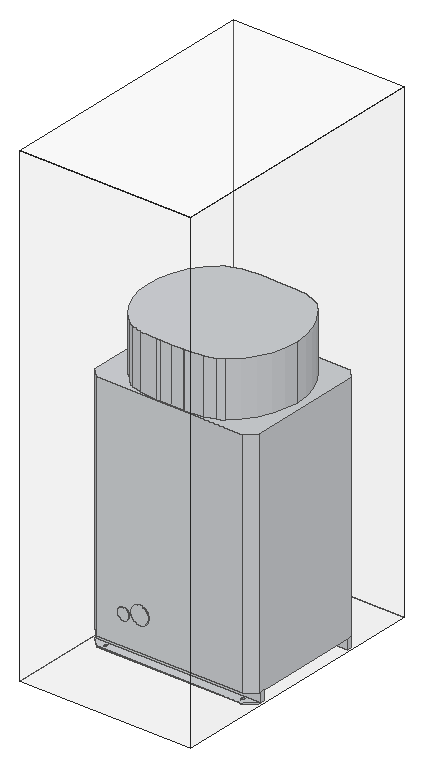
Revit family "室外機（高効率50Hz）_MEE修正", category 機械設備, Revit 2019
Family settings
  丸型コネクタ寸法 = 直径を使用
  パーツ タイプ = 標準
  OmniClass 番号 = 23.75.10.24.21.27.27
  OmniClass タイトル = Split System Air Conditioning Units
  作業面ベース = いいえ
  常に垂直 = はい
  ロード時にボイドで切り取り = いいえ
  共有 = いいえ
  部屋計算ポイント = いいえ
Parameters (values of type "PUHY-P224DMG7_タイプA")
  風量（m3／min） = 165
  風量 = MAX風量  # 9900.0 m³/h
  音響パワーレベル(dB) = 76.5
  電源種別 = ""
  電源位置2Y（ユニット3） = 121 mm
  電源位置2Y（ユニット2） = 121 mm
  電源位置2Y（ユニット1） = 121 mm
  電源位置2X（ユニット3） = 177 mm
  電源位置2X（ユニット2） = 177 mm
  電源位置2X（ユニット1） = 177 mm
  電源位置1Z（ユニット3） = 217 mm
  電源位置1Z（ユニット2） = 217 mm
  電源位置1Z（ユニット1） = 217 mm
  電源位置1X（ユニット3） = 201 mm
  電源位置1X（ユニット2） = 201 mm
  電源位置1X（ユニット1） = 201 mm
  電圧 = 200 V
  電動機出力_送風機 = 0.35 kW
  電動機出力_圧縮機 = 5.24 kW
  集中コントローラ [instance] = ""
  運転質量 = 0.00 kg
  運転方法 = "冷暖切替"
  質量 = if(製品質量 > 運転質量, 製品質量, 運転質量) * 1.2  # 202.80 kg
  負荷分類 = 1_熱源類
  説明 = "ビル用マルチエアコン　Y GR高効率シリーズ　室外機"
  設計暖房能力 [instance] = 0 kW
  設計冷房能力_顕熱 [instance] = 0 kW
  設計冷房能力 [instance] = 0 kW
  設置方法 = "床置形"
  記号 [instance] = ""
  製造元 = "三菱電機株式会社"
  製品質量 = 169.00 kg
  製品出荷対象 = "国内"
  製品リリース年月 = "2020/7/22"
  製品グループ = ""
  系統 [instance] = ""
  符号 = "EHP"
  積算_科目 = "1 空気調和設備"
  積算_拾い区分 [instance] = ""
  相 = 3
  盤記号 [instance] = ""
  発停方法 = "付属スイッチ"
  特殊仕様 [instance] = ""
  消費電力_暖房 = 6.4 kW
  消費電力_冷房 = 6.46 kW
  消費電力 = if(消費電力_冷房 > 消費電力_暖房, 消費電力_冷房, 消費電力_暖房)  # 6.46 kW
  法定耐用年数 = "15"
  極数 = 3
  材質 [instance] = ""
  本体マテリアル = none
  最小電線太さ_mm2 = 8
  最大電流値 = 0 A
  暖房能力 = 25 kW
  推奨ブレーカー容量 = 100 A
  据付ピッチ1 = 0 mm
  形式 = "マルチパッケージ形 室外機"
  幹線記号 [instance] = ""
  始動方式 = ""
  呼称 = "マルチパッケージ形空気調和機"
  周波数 = 50 Hz
  参照している仕様書等のバージョン = "公共建築工事標準仕様書（機械設備工事編）平成31年度版"
  分類コード = "50053003300020"
  分類グループ = ""
  冷房能力 = 22.4 kW
  冷媒管（液）位置2 (ユニット3) = 147 mm
  冷媒管（液）位置2 (ユニット2) = 147 mm
  冷媒管（液）位置1 (ユニット3） = 251 mm
  冷媒管（ガス）位置2 (ユニット3) = 137 mm
  冷媒管（ガス）位置2 (ユニット2) = 137 mm
  冷媒管（ガス）位置1 (ユニット3) = 83 mm
  冷媒管（ガス）位置1 (ユニット1) = 83 mm
  冷媒管（液）位置1 (ユニット1) = 251 mm
  冷媒管（液）位置2 (ユニット1) = 147 mm
  冷媒管（ガス）位置2 (ユニット1) = 137 mm
  冷媒管（ガス）位置1 (ユニット2) = 83 mm
  冷媒管（液）位置1 (ユニット2） = 251 mm
  冷媒管長 [instance] = 0 mm
  冷媒管径符号 = "Be"
  冷媒管径3 = 100.00 mm
  冷媒管径2 = 100.00 mm
  冷媒管径 = 100.00 mm
  冷媒管位置3 (ユニット3) = 242 mm
  冷媒管位置3 (ユニット2) = 242 mm
  冷媒管位置3 (ユニット1) = 242 mm
  冷媒管位置2 (ユニット3) = 142 mm
  冷媒管位置2 (ユニット2) = 142 mm
  冷媒管位置1 (ユニット2) = 292.5 mm
  冷媒管位置2 (ユニット1) = 142 mm
  冷媒管位置1 (ユニット3) = 292.5 mm
  冷媒管位置1 (ユニット1) = 292.5 mm
  冷媒液管径3 = 9.52 mm
  冷媒液管径2 = 9.52 mm
  冷媒液管径 = 9.52 mm
  冷媒ガス管径3 = 19.05 mm
  冷媒ガス管径2 = 19.05 mm
  冷媒ガス管径 = 19.05 mm
  企業コード = "108420"
  付属品 [instance] = ""
  仕様書バージョン = "Version1.0"
  ユニット隙間 = if(サービススペース_タイプA, 30 mm, 100 mm)  # 30 mm
  ユニット数 = 1
  ユニットタイプ3 = 筐体モジュール（高効率） : 224筐体
  ユニットタイプ2 = 筐体モジュール（高効率） : 224筐体
  ユニットタイプ1 = 筐体モジュール（高効率） : 224筐体
  ユニット3_S = no
  ユニット3_L = no
  ユニット3 = no
  ユニット2_S = no
  ユニット2_L = no
  ユニット2 = no
  ユニット1_S = no
  ユニット1_L = no
  モデル = "PUHY-P224DMG7"
  ドレン管径 = 0.00 mm
  サービススペース_タイプA = yes
  サービススペース = yes
  コメント [instance] = ""
  ケーブル種類 = ""
  ケーブルサイズ = 0 mm
  アンカーボルト位置Y（ユニット3） = 681 mm
  アンカーボルト位置Y（ユニット2） = 681 mm
  アンカーボルト位置Y（ユニット1） = 681 mm
  アンカーボルト位置X（ユニット3） = 760 mm
  アンカーボルト位置X（ユニット2） = 760 mm
  アンカーボルト位置X（ユニット1） = 760 mm
  Width3 = 920 mm
  Width2 = 920 mm
  Width1 = 920 mm
  Width = if(ユニット3, Width1 + Width2 + Width3 + 2 * ユニット隙間, if(ユニット2, Width1 + Width2 + 1 * ユニット隙間, Width1))  # 920 mm
  Version = ""
  Uniclass2015Version = "Systems v1.9"
  Uniclass2015Title = "Split coil remote air cooled condensing units"
  Uniclass2015Code = "Pr_70_65_03_84"
  URL = "https://www.mitsubishielectric.co.jp/ldg/wink/ssl/displayProduct.do?pid=307651"
  SpecificationReference = ""
  SpecificationDescription = ""
  Revision = ""
  ProductInformation = ""
  OmniClassCode = "23-75 10 24 21 27 27"
  MAX風量 = 風量（m3／min） * 60.0 m³/h  # 9900.0 m³/h
  IfcTypeProduct = ""
  IfcProduct = ""
  IfcExportType = "AIRCONDITIONINGUNIT"
  IfcExportAs = "IfcUnitaryEquipmentType"
  Height = 1650 mm
  Depth = 740 mm
  Clearance Top [instance] = if(サービススペース_タイプA, 1000 mm, 1000 mm)  # 1000 mm
  Clearance Right [instance] = if(サービススペース_タイプA, 15 mm, 50 mm)  # 15 mm
  Clearance Left [instance] = if(サービススペース_タイプA, 15 mm, 50 mm)  # 15 mm
  Clearance Front [instance] = if(サービススペース_タイプA, 450 mm, 450 mm)  # 450 mm
  Clearance Back [instance] = if(サービススペース_タイプA, 300 mm, 100 mm)  # 300 mm
  COP = 0
  Author = "三菱電機株式会社"
  APF = 5.5
Reference planes
  plane 1 "中心(正面/背面)": y = 0
  plane 2: z = 0
  plane 3 "中心(左/右)": x = 2230
  plane 4 "右": x = 2690
  plane 5 "左": x = 1770
  plane 6 "背面": y = 370
  plane 7 "正面": y = -370
  plane 8: z = 1347
  plane 9 "上部": z = 1650
  plane 10 "Clearanse Top": z = 2650
  plane 11: x = 162.5
  plane 12 "冷媒操作弁ガス芯2": y = -228
  plane 13 "冷媒操作弁液芯2": y = -228
  plane 14 "SS_back": y = 670
  plane 15 "SS_front": y = -820
  plane 16 "SS_left": x = 1755
  plane 17 "SS_right": x = 2705
  plane 18: x = 790
  plane 19: x = 820
  plane 20: x = 1740
  plane 21: x = 1770
  plane 22: x = -130
  plane 23: x = 1112.5
  plane 24: x = 2062.5
  plane 25: x = 330
  plane 26: x = 1280
  plane 27: x = 2230
  plane 28: z = 53
  plane 29: z = 242
  plane 30: y = -228
  plane 31: z = 54
  plane 32: z = 242
  plane 33: z = 242
  plane 34: x = 1947
  plane 35: x = 997
  plane 36: x = 47
  plane 37: x = 71
  plane 38: x = 1021
  plane 39: x = 1971
  plane 40: y = -249
  plane 41: y = -249
  plane 42: y = -249
  plane 43: z = 217
  plane 44: z = 217
  plane 45: z = 217
Forms (mm)
  Extrusion 1, solid, detail levels fine
    sketch origin (0, -370, 0) x (1, 0, 0) y (0, 0, 1)
      loop
        circle (2062.5, 242) r 50
    from 0 to 1
  Extrusion 2, solid, visible <- "ユニット2", detail levels fine
    sketch origin (0, -370, 0) x (1, 0, 0) y (0, 0, 1)
      loop
        circle (1112.5, 242) r 50
    from 0 to 1
  Extrusion 3, solid, visible <- "ユニット3", detail levels fine
    sketch origin (0, -370, 0) x (1, 0, 0) y (0, 0, 1)
      loop
        circle (162.5, 242) r 50
    from 0 to 1
  Extrusion 4, solid, detail levels fine
    sketch origin (-1437.329, -1524, 54) x (-1, 0, 0) y (0, -1, 0)
      loop
        circle (-3499.829, -1296) r 50
    from 0 to -1
  Extrusion 5, solid, visible <- "ユニット2", detail levels fine
    sketch origin (-1437.329, -1524, 54) x (-1, 0, 0) y (0, -1, 0)
      loop
        circle (-2549.829, -1296) r 50
    from 0 to -1
  Extrusion 6, solid, visible <- "ユニット3", detail levels fine
    sketch origin (-1437.329, -1524, 54) x (-1, 0, 0) y (0, -1, 0)
      loop
        circle (-1599.829, -1296) r 50
    from 0 to -1
  Extrusion 7, solid, detail levels fine
    sketch origin (-1437.329, -1524, 54) x (-1, 0, 0) y (0, -1, 0)
      loop
        circle (-3384.329, -1275) r 32.5
    from -1 to 0
  Extrusion 8, solid, visible <- "ユニット2", detail levels fine
    sketch origin (-1437.329, -1524, 54) x (-1, 0, 0) y (0, -1, 0)
      loop
        circle (-2434.329, -1275) r 32.5
    from -1 to 0
  Extrusion 9, solid, visible <- "ユニット3", detail levels fine
    sketch origin (-1437.329, -1524, 54) x (-1, 0, 0) y (0, -1, 0)
      loop
        circle (-1484.329, -1275) r 32.5
    from -1 to 0
  Extrusion 10, solid, detail levels fine
    sketch origin (0, -370, 0) x (1, 0, 0) y (0, 0, 1)
      loop
        circle (1971, 217) r 32.5
    from 0 to 1
  Extrusion 11, solid, visible <- "ユニット2", detail levels fine
    sketch origin (0, -370, 0) x (1, 0, 0) y (0, 0, 1)
      loop
        circle (1021, 217) r 32.5
    from 0 to 1
  Extrusion 12, solid, visible <- "ユニット3", detail levels fine
    sketch origin (0, -370, 0) x (1, 0, 0) y (0, 0, 1)
      loop
        circle (71, 217) r 32.5
    from 0 to 1
Lines and regions (mm)
  model lines, not visible
    curve 1: line (460, 178.667, 1289.179) -> (460, 297.73, 1289.179)
    curve 2: line (460, 178.667, 1056.056) -> (460, 178.667, 1289.179)
    curve 3: line (460, 297.73, 1056.056) -> (460, 178.667, 1056.056)
    curve 4: line (460, 297.73, 1289.179) -> (460, 297.73, 1056.056)
    curve 5: line (460, 47.598, 1289.179) -> (460, 166.661, 1289.179)
    curve 6: line (460, 47.598, 1056.056) -> (460, 47.598, 1289.179)
    curve 7: line (460, 166.661, 1056.056) -> (460, 47.598, 1056.056)
    curve 8: line (460, 166.661, 1289.179) -> (460, 166.661, 1056.056)
    curve 9: line (460, -83.471, 1289.179) -> (460, 35.592, 1289.179)
    curve 10: line (460, -83.471, 1056.056) -> (460, -83.471, 1289.179)
    curve 11: line (460, 35.592, 1056.056) -> (460, -83.471, 1056.056)
    curve 12: line (460, 35.592, 1289.179) -> (460, 35.592, 1056.056)
    curve 13: line (460, -150.779, 1289.179) -> (460, -95.75, 1289.179)
    curve 14: line (460, -150.779, 1056.056) -> (460, -150.779, 1289.179)
    curve 15: line (460, -95.75, 1056.056) -> (460, -150.779, 1056.056)
    curve 16: line (460, -95.75, 1289.179) -> (460, -95.75, 1056.056)
    curve 17: line (460, -150.779, 1283.175) -> (460, -132.596, 1283.175)
    curve 18: line (460, -150.779, 1062.059) -> (460, -150.779, 1283.175)
    curve 19: line (460, -132.596, 1062.059) -> (460, -150.779, 1062.059)
    curve 20: line (460, -132.596, 1283.175) -> (460, -132.596, 1062.059)
    curve 21: line (460, 178.667, 1046.051) -> (460, 297.73, 1046.051)
    curve 22: line (460, 178.667, 812.928) -> (460, 178.667, 1046.051)
    curve 23: line (460, 297.73, 812.928) -> (460, 178.667, 812.928)
    curve 24: line (460, 297.73, 1046.051) -> (460, 297.73, 812.928)
    curve 25: line (460, 47.598, 1046.051) -> (460, 166.661, 1046.051)
    curve 26: line (460, 47.598, 812.928) -> (460, 47.598, 1046.051)
    curve 27: line (460, 166.661, 812.928) -> (460, 47.598, 812.928)
    curve 28: line (460, 166.661, 1046.051) -> (460, 166.661, 812.928)
    curve 29: line (460, -83.471, 1046.051) -> (460, 35.592, 1046.051)
    curve 30: line (460, -83.471, 812.928) -> (460, -83.471, 1046.051)
    curve 31: line (460, 35.592, 812.928) -> (460, -83.471, 812.928)
    curve 32: line (460, 35.592, 1046.051) -> (460, 35.592, 812.928)
    curve 33: line (460, -150.779, 1046.051) -> (460, -95.75, 1046.051)
    curve 34: line (460, -150.779, 812.928) -> (460, -150.779, 1046.051)
    curve 35: line (460, -95.75, 812.928) -> (460, -150.779, 812.928)
    curve 36: line (460, -95.75, 1046.051) -> (460, -95.75, 812.928)
    curve 37: line (460, -150.779, 1040.048) -> (460, -132.596, 1040.048)
    curve 38: line (460, -150.779, 818.931) -> (460, -150.779, 1040.048)
    curve 39: line (460, -132.596, 818.931) -> (460, -150.779, 818.931)
    curve 40: line (460, -132.596, 1040.048) -> (460, -132.596, 818.931)
    curve 41: line (460, 178.667, 802.923) -> (460, 297.73, 802.923)
    curve 42: line (460, 178.667, 569.8) -> (460, 178.667, 802.923)
    curve 43: line (460, 297.73, 569.8) -> (460, 178.667, 569.8)
    curve 44: line (460, 297.73, 802.923) -> (460, 297.73, 569.8)
    curve 45: line (460, 47.598, 802.923) -> (460, 166.661, 802.923)
    curve 46: line (460, 47.598, 569.8) -> (460, 47.598, 802.923)
    curve 47: line (460, 166.661, 569.8) -> (460, 47.598, 569.8)
    curve 48: line (460, 166.661, 802.923) -> (460, 166.661, 569.8)
    curve 49: line (460, -83.471, 802.923) -> (460, 35.592, 802.923)
    curve 50: line (460, -83.471, 569.8) -> (460, -83.471, 802.923)
    curve 51: line (460, 35.592, 569.8) -> (460, -83.471, 569.8)
    curve 52: line (460, 35.592, 802.923) -> (460, 35.592, 569.8)
    curve 53: line (460, -150.779, 802.923) -> (460, -95.75, 802.923)
    curve 54: line (460, -150.779, 569.8) -> (460, -150.779, 802.923)
    curve 55: line (460, -95.75, 569.8) -> (460, -150.779, 569.8)
    curve 56: line (460, -95.75, 802.923) -> (460, -95.75, 569.8)
    curve 57: line (460, -150.779, 796.92) -> (460, -132.596, 796.92)
    curve 58: line (460, -150.779, 575.803) -> (460, -150.779, 796.92)
    curve 59: line (460, -132.596, 575.803) -> (460, -150.779, 575.803)
    curve 60: line (460, -132.596, 796.92) -> (460, -132.596, 575.803)
    curve 61: line (460, 178.667, 559.795) -> (460, 297.73, 559.795)
    curve 62: line (460, 178.667, 326.672) -> (460, 178.667, 559.795)
    curve 63: line (460, 297.73, 326.672) -> (460, 178.667, 326.672)
    curve 64: line (460, 297.73, 559.795) -> (460, 297.73, 326.672)
    curve 65: line (460, 47.598, 559.795) -> (460, 166.661, 559.795)
    curve 66: line (460, 47.598, 326.672) -> (460, 47.598, 559.795)
    curve 67: line (460, 166.661, 326.672) -> (460, 47.598, 326.672)
    curve 68: line (460, 166.661, 559.795) -> (460, 166.661, 326.672)
    curve 69: line (460, -83.471, 559.795) -> (460, 35.592, 559.795)
    curve 70: line (460, -83.471, 326.672) -> (460, -83.471, 559.795)
    curve 71: line (460, 35.592, 326.672) -> (460, -83.471, 326.672)
    curve 72: line (460, 35.592, 559.795) -> (460, 35.592, 326.672)
    curve 73: line (460, -150.779, 559.795) -> (460, -95.75, 559.795)
    curve 74: line (460, -150.779, 326.672) -> (460, -150.779, 559.795)
    curve 75: line (460, -95.75, 326.672) -> (460, -150.779, 326.672)
    curve 76: line (460, -95.75, 559.795) -> (460, -95.75, 326.672)
    curve 77: line (460, -150.779, 553.792) -> (460, -132.596, 553.792)
    curve 78: line (460, -150.779, 332.675) -> (460, -150.779, 553.792)
    curve 79: line (460, -132.596, 332.675) -> (460, -150.779, 332.675)
    curve 80: line (460, -132.596, 553.792) -> (460, -132.596, 332.675)
    curve 81: line (460, 178.667, 316.667) -> (460, 297.73, 316.667)
    curve 82: line (460, 178.667, 83.544) -> (460, 178.667, 316.667)
    curve 83: line (460, 297.73, 83.544) -> (460, 178.667, 83.544)
    curve 84: line (460, 297.73, 316.667) -> (460, 297.73, 83.544)
    curve 85: line (460, 47.598, 316.667) -> (460, 166.661, 316.667)
    curve 86: line (460, 47.598, 83.544) -> (460, 47.598, 316.667)
    curve 87: line (460, 166.661, 83.544) -> (460, 47.598, 83.544)
    curve 88: line (460, 166.661, 316.667) -> (460, 166.661, 83.544)
    curve 89: line (460, -83.471, 316.667) -> (460, 35.592, 316.667)
    curve 90: line (460, -83.471, 83.544) -> (460, -83.471, 316.667)
    curve 91: line (460, 35.592, 83.544) -> (460, -83.471, 83.544)
    curve 92: line (460, 35.592, 316.667) -> (460, 35.592, 83.544)
    curve 93: line (460, -150.779, 316.667) -> (460, -95.75, 316.667)
    curve 94: line (460, -150.779, 83.544) -> (460, -150.779, 316.667)
    curve 95: line (460, -95.75, 83.544) -> (460, -150.779, 83.544)
    curve 96: line (460, -95.75, 316.667) -> (460, -95.75, 83.544)
    curve 97: line (460, -150.779, 310.664) -> (460, -132.596, 310.664)
    curve 98: line (460, -150.779, 89.547) -> (460, -150.779, 310.664)
    curve 99: line (460, -132.596, 89.547) -> (460, -150.779, 89.547)
    curve 100: line (460, -132.596, 310.664) -> (460, -132.596, 89.547)
Dimensions and locks
  plane 8 to level = 1347 mm
  equal spacing: plane 7 "正面", plane 1 "中心(正面/背面)", plane 6 "背面", locked at 370 each
  "Depth": plane 7 "正面" to plane 6 "背面"
  "Width": plane 5 "左" to plane 4 "右"
  equal spacing: plane 5 "左", plane 3 "中心(左/右)", plane 4 "右"
  "冷媒管位置2 (ユニット3)": plane 7 "正面" to plane 13 "冷媒操作弁液芯2"
  "冷媒管位置2 (ユニット2)": plane 7 "正面" to plane 12 "冷媒操作弁ガス芯2"
  "Clearance Left": plane 16 "SS_left" to plane 5 "左"
  "Clearance Right": plane 4 "右" to plane 17 "SS_right"
  "Clearance Back": plane 6 "背面" to plane 14 "SS_back"
  "Clearance Front": plane 15 "SS_front" to plane 7 "正面"
  "Clearance Top": plane 10 "Clearanse Top" to plane 9 "上部"
  "Height": plane 9 "上部" to plane 2
  plane 9 "上部" to plane 8 = 303 mm
  "ユニット隙間": plane 18 to plane 19
  "Width2": plane 19 to plane 20
  "ユニット隙間": plane 20 to plane 21
  "Width3": plane 22 to plane 18
  "Width1": plane 21 to plane 4 "右"
  "冷媒管位置1 (ユニット2)": plane 19 to plane 23
  "冷媒管位置1 (ユニット1)": plane 21 to plane 24
  "冷媒管位置1 (ユニット3)": plane 22 to plane 11
  equal spacing: plane 22, plane 25, plane 18
  equal spacing: plane 19, plane 26, plane 20
  equal spacing: plane 21, plane 27, plane 4 "右"
  "冷媒管位置2 (ユニット1)": plane 7 "正面" to plane 30
  plane 31 to level = 54 mm
  "冷媒管位置3 (ユニット1)": plane 29 to level
  locked: plane 31 to plane 28 at 1
  "冷媒管位置3 (ユニット2)": plane 32 to level
  "冷媒管位置3 (ユニット3)": plane 33 to level
  "電源位置2X（ユニット3）": plane 22 to plane 36
  "電源位置2X（ユニット2）": plane 19 to plane 35
  "電源位置2X（ユニット1）": plane 21 to plane 34
  "電源位置2Y（ユニット1）": plane 7 "正面" to plane 40
  "電源位置2Y（ユニット2）": plane 7 "正面" to plane 41
  "電源位置2Y（ユニット3）": plane 7 "正面" to plane 42
  "電源位置1X（ユニット1）": plane 39 to plane 21
  "電源位置1X（ユニット2）": plane 38 to plane 19
  "電源位置1X（ユニット3）": plane 37 to plane 22
  "電源位置1Z（ユニット1）": plane 45 to level
  "電源位置1Z（ユニット2）": plane 44 to level
  "電源位置1Z（ユニット3）": plane 43 to level
  "冷媒管径": diameter of Extrusion 1 sketch curve
  "冷媒管径2": diameter of Extrusion 2 sketch curve
  "冷媒管径3": diameter of Extrusion 3 sketch curve
  "冷媒管径": diameter of Extrusion 4 sketch curve
  "冷媒管径2": diameter of Extrusion 5 sketch curve
  "冷媒管径3": diameter of Extrusion 6 sketch curve
  radius of Extrusion 7 sketch curve = 32.5 mm
  radius of Extrusion 8 sketch curve = 32.5 mm
  radius of Extrusion 9 sketch curve = 32.5 mm
  radius of Extrusion 10 sketch curve = 32.5 mm
  radius of Extrusion 11 sketch curve = 32.5 mm
  radius of Extrusion 12 sketch curve = 32.5 mm
  aligned and locked: level to plane 2
  aligned and locked: plane 14 "SS_back" to nested 1  (x2)
  aligned and locked: plane 17 "SS_right" to nested 1
  aligned and locked: plane 16 "SS_left" to nested 1  (x2)
  aligned and locked: nested 1 to plane 17 "SS_right"
  aligned and locked: plane 15 "SS_front" to nested 1
  aligned and locked: plane 1 "中心(正面/背面)" to nested 2
  aligned and locked: plane 10 "Clearanse Top" to nested 1
  aligned and locked: nested 1 to plane 2
  aligned and locked: plane 6 "背面" to nested 4
  aligned and locked: plane 7 "正面" to nested 4
  aligned and locked: plane 25 to nested 2
  aligned and locked: plane 26 to nested 3
  aligned and locked: plane 27 to nested 4
  aligned and locked: plane 1 "中心(正面/背面)" to nested 4
  aligned and locked: plane 1 "中心(正面/背面)" to nested 3
  aligned and locked: plane 29 to Extrusion 1 sketch curve
  aligned and locked: plane 24 to Extrusion 1 sketch curve
  aligned and locked: plane 23 to Extrusion 2 sketch curve
  aligned and locked: plane 11 to Extrusion 3 sketch curve
  aligned and locked: plane 30 to Extrusion 4 sketch curve
  aligned and locked: plane 24 to Extrusion 4 sketch curve
  aligned and locked: plane 12 "冷媒操作弁ガス芯2" to Extrusion 5 sketch curve
  aligned and locked: plane 23 to Extrusion 5 sketch curve
  aligned and locked: plane 13 "冷媒操作弁液芯2" to Extrusion 6 sketch curve
  aligned and locked: plane 11 to Extrusion 6 sketch curve
  aligned and locked: plane 32 to Extrusion 2 sketch curve
  aligned and locked: plane 33 to Extrusion 3 sketch curve
  aligned and locked: plane 40 to Extrusion 7 sketch curve
  aligned and locked: plane 34 to Extrusion 7 sketch curve
  aligned and locked: plane 41 to Extrusion 8 sketch curve
  aligned and locked: plane 35 to Extrusion 8 sketch curve
  aligned and locked: plane 36 to Extrusion 9 sketch curve
  aligned and locked: plane 42 to Extrusion 9 sketch curve
  aligned and locked: plane 31 to Extrusion 9
  aligned and locked: Extrusion 9 to plane 28
  aligned and locked: plane 31 to Extrusion 8
  aligned and locked: Extrusion 8 to plane 28
  aligned and locked: plane 31 to Extrusion 7
  aligned and locked: Extrusion 7 to plane 28
  aligned and locked: plane 45 to Extrusion 10 sketch curve
  aligned and locked: plane 39 to Extrusion 10 sketch curve
  aligned and locked: plane 44 to Extrusion 11 sketch curve
  aligned and locked: plane 38 to Extrusion 11 sketch curve
  aligned and locked: plane 43 to Extrusion 12 sketch curve
  aligned and locked: plane 37 to Extrusion 12 sketch curve
  aligned and locked: Extrusion 10 to plane 7 "正面"
  aligned and locked: Extrusion 10 to Extrusion 1
  aligned and locked: Extrusion 11 to plane 7 "正面"
  aligned and locked: Extrusion 11 to Extrusion 2
  aligned and locked: Extrusion 12 to plane 7 "正面"
  aligned and locked: Extrusion 12 to Extrusion 3
Nested families
  nested 1: "サービススペース" at (2230, -75, 1325), visible <- "サービススペース", type "サービススペース"
    with Width 950 mm, Height 2650 mm, Depth 1490 mm
  nested 2: "筐体モジュール（高効率）" at (330, 0, 0), 冷媒ガス管径 <- "冷媒ガス管径3", 冷媒液管径 <- "冷媒液管径3", Width <- "Width3", Depth <- "Depth", Height <- "Height", type <- "ユニットタイプ3", 冷媒ガス_X <- "冷媒管（ガス）位置1 (ユニット3)", 冷媒ガス_Y <- "冷媒管（ガス）位置2 (ユニット3)", 冷媒液_X <- "冷媒管（液）位置1 (ユニット3）", 冷媒液_Y <- "冷媒管（液）位置2 (ユニット3)", 冷媒管径 <- "冷媒管径3", 冷媒管径_X <- "冷媒管位置1 (ユニット3)", 冷媒管径_Y <- "冷媒管位置2 (ユニット3)", 冷媒管径_Z <- "冷媒管位置3 (ユニット3)", ユニット234X <- "ユニット3", ユニット2 <- "ユニット3", type "224筐体"
    with 冷媒管径_Z 242 mm, 冷媒管径_Y 142 mm, 冷媒管径_X 292.5 mm, 冷媒管径 100 mm, 冷媒液管径 9.52 mm, 冷媒液_Z 123 mm, 冷媒液_Y 147 mm, 冷媒液_X 251 mm, 冷媒ガス管径 19.05 mm, 冷媒ガス_Z 172 mm, 冷媒ガス_Y 137 mm, 冷媒ガス_X 83 mm, ユニット234X no, ユニット2 no, Width 920 mm, Height 1650 mm, Depth 740 mm
  nested 3: "筐体モジュール（高効率）" at (1280, 0, 0), 冷媒ガス管径 <- "冷媒ガス管径2", 冷媒液管径 <- "冷媒液管径2", Width <- "Width2", Depth <- "Depth", Height <- "Height", type <- "ユニットタイプ2", 冷媒ガス_X <- "冷媒管（ガス）位置1 (ユニット2)", 冷媒ガス_Y <- "冷媒管（ガス）位置2 (ユニット2)", 冷媒液_X <- "冷媒管（液）位置1 (ユニット2）", 冷媒液_Y <- "冷媒管（液）位置2 (ユニット2)", 冷媒管径 <- "冷媒管径2", 冷媒管径_X <- "冷媒管位置1 (ユニット2)", 冷媒管径_Y <- "冷媒管位置2 (ユニット2)", 冷媒管径_Z <- "冷媒管位置3 (ユニット2)", ユニット2 <- "ユニット2", type "224筐体"
    with 冷媒管径_Z 242 mm, 冷媒管径_Y 142 mm, 冷媒管径_X 292.5 mm, 冷媒管径 100 mm, 冷媒液管径 9.52 mm, 冷媒液_Z 262 mm, 冷媒液_Y 147 mm, 冷媒液_X 251 mm, 冷媒ガス管径 19.05 mm, 冷媒ガス_Z 222 mm, 冷媒ガス_Y 137 mm, 冷媒ガス_X 83 mm, ユニット234X no, ユニット2 no, Width 920 mm, Height 1650 mm, Depth 740 mm
  nested 4: "筐体モジュール（高効率）" at (2230, 0, 0), 冷媒ガス管径 <- "冷媒ガス管径", 冷媒液管径 <- "冷媒液管径", Depth <- "Depth", Height <- "Height", Width <- "Width1", type <- "ユニットタイプ1", 冷媒ガス_X <- "冷媒管（ガス）位置1 (ユニット1)", 冷媒ガス_Y <- "冷媒管（ガス）位置2 (ユニット1)", 冷媒液_X <- "冷媒管（液）位置1 (ユニット1)", 冷媒液_Y <- "冷媒管（液）位置2 (ユニット1)", 冷媒管径 <- "冷媒管径", 冷媒管径_X <- "冷媒管位置1 (ユニット1)", 冷媒管径_Y <- "冷媒管位置2 (ユニット1)", 冷媒管径_Z <- "冷媒管位置3 (ユニット1)", type "224筐体"
    with 冷媒管径_Z 242 mm, 冷媒管径_Y 142 mm, 冷媒管径_X 292.5 mm, 冷媒管径 100 mm, 冷媒液管径 9.52 mm, 冷媒液_Z 262 mm, 冷媒液_Y 147 mm, 冷媒液_X 251 mm, 冷媒ガス管径 19.05 mm, 冷媒ガス_Z 222 mm, 冷媒ガス_Y 137 mm, 冷媒ガス_X 83 mm, ユニット234X yes, ユニット2 yes, Width 920 mm, Height 1650 mm, Depth 740 mm
Connectors
  piping at (162.5, -228, 53), diameter 100, driven by "冷媒管径3", driven by "冷媒管径符号"
    settings: on Extrusion 6, index 6, connector inside diameter 609.60 mm, connector length 0 mm, flow factor 0, pipe flow 0.0 L/s, pressure drop 0.0 Pa, fitting loss kfactor 0, connector angle 0.00°, fixture units 0, engagement length 0 mm, angle of deflection 0.00°, flow configuration 1, flow direction 2, fitting loss method 4, system type 7, joint type 0, gender type 0, connector reference index -1, connector utility 0, adjustable connector no, is connector primary yes, connector description "Be"
  piping at (2062.5, -228, 53), diameter 100, driven by "冷媒管径", driven by "冷媒管径符号"
    settings: on Extrusion 4, index 7, connector inside diameter 609.60 mm, connector length 0 mm, flow factor 0, pipe flow 0.0 L/s, pressure drop 0.0 Pa, fitting loss kfactor 0, connector angle 0.00°, fixture units 0, engagement length 0 mm, angle of deflection 0.00°, flow configuration 1, flow direction 2, fitting loss method 4, system type 7, joint type 0, gender type 0, connector reference index -1, connector utility 0, adjustable connector no, is connector primary no, connector description "Be"
  piping at (1112.5, -228, 53), diameter 100, driven by "冷媒管径2", driven by "冷媒管径符号"
    settings: on Extrusion 5, index 8, connector inside diameter 609.60 mm, connector length 0 mm, flow factor 0, pipe flow 0.0 L/s, pressure drop 0.0 Pa, fitting loss kfactor 0, connector angle 0.00°, fixture units 0, engagement length 0 mm, angle of deflection 0.00°, flow configuration 1, flow direction 2, fitting loss method 4, system type 7, joint type 0, gender type 0, connector reference index -1, connector utility 0, adjustable connector no, is connector primary no, connector description "Be"
  piping at (162.5, -371, 242), diameter 100, driven by "冷媒管径3", driven by "冷媒管径符号"
    settings: on Extrusion 3, index 9, connector inside diameter 609.60 mm, connector length 0 mm, flow factor 0, pipe flow 0.0 L/s, pressure drop 0.0 Pa, fitting loss kfactor 0, connector angle 0.00°, fixture units 0, engagement length 0 mm, angle of deflection 0.00°, flow configuration 1, flow direction 2, fitting loss method 4, system type 7, joint type 0, gender type 0, connector reference index -1, connector utility 0, adjustable connector no, is connector primary no, connector description "Be"
  piping at (1112.5, -371, 242), diameter 100, driven by "冷媒管径2", driven by "冷媒管径符号"
    settings: on Extrusion 2, index 10, connector inside diameter 609.60 mm, connector length 0 mm, flow factor 0, pipe flow 0.0 L/s, pressure drop 0.0 Pa, fitting loss kfactor 0, connector angle 0.00°, fixture units 0, engagement length 0 mm, angle of deflection 0.00°, flow configuration 1, flow direction 2, fitting loss method 4, system type 7, joint type 0, gender type 0, connector reference index -1, connector utility 0, adjustable connector no, is connector primary no, connector description "Be"
  piping at (2062.5, -371, 242), diameter 100, driven by "冷媒管径", driven by "冷媒管径符号"
    settings: on Extrusion 1, index 11, connector inside diameter 609.60 mm, connector length 0 mm, flow factor 0, pipe flow 0.0 L/s, pressure drop 0.0 Pa, fitting loss kfactor 0, connector angle 0.00°, fixture units 0, engagement length 0 mm, angle of deflection 0.00°, flow configuration 1, flow direction 2, fitting loss method 4, system type 7, joint type 0, gender type 0, connector reference index -1, connector utility 0, adjustable connector no, is connector primary no, connector description "Be"
  electrical at (1971, -371, 217), driven by "極数", driven by "負荷分類", driven by "電圧", driven by "消費電力"
    settings: on Extrusion 10, index 12, voltage 200 V, apparent load 6460 VA, apparent load phase1 0 VA, apparent load phase2 0 VA, apparent load phase3 0 VA, power factor 1, load classification "1_熱源類", number of poles 3, system type 30, power factor state 1, is connector primary yes, connector utility no, sub classification motor no, connector description ""
  electrical at (1021, -371, 217), driven by "極数", driven by "負荷分類", driven by "電圧", driven by "消費電力"
    settings: on Extrusion 11, index 13, voltage 200 V, apparent load 6460 VA, apparent load phase1 0 VA, apparent load phase2 0 VA, apparent load phase3 0 VA, power factor 1, load classification "1_熱源類", number of poles 3, system type 30, power factor state 1, is connector primary no, connector utility no, sub classification motor no, connector description ""
  electrical at (71, -371, 217), driven by "極数", driven by "負荷分類", driven by "電圧", driven by "消費電力"
    settings: on Extrusion 12, index 14, voltage 200 V, apparent load 6460 VA, apparent load phase1 0 VA, apparent load phase2 0 VA, apparent load phase3 0 VA, power factor 1, load classification "1_熱源類", number of poles 3, system type 30, power factor state 1, is connector primary no, connector utility no, sub classification motor no, connector description ""
  electrical at (47, -249, 53), driven by "極数", driven by "負荷分類", driven by "電圧", driven by "消費電力"
    settings: on Extrusion 9, index 15, voltage 200 V, apparent load 6460 VA, apparent load phase1 0 VA, apparent load phase2 0 VA, apparent load phase3 0 VA, power factor 1, load classification "1_熱源類", number of poles 3, system type 30, power factor state 1, is connector primary no, connector utility no, sub classification motor no, connector description ""
  electrical at (997, -249, 53), driven by "極数", driven by "負荷分類", driven by "電圧", driven by "消費電力"
    settings: on Extrusion 8, index 16, voltage 200 V, apparent load 6460 VA, apparent load phase1 0 VA, apparent load phase2 0 VA, apparent load phase3 0 VA, power factor 1, load classification "1_熱源類", number of poles 3, system type 30, power factor state 1, is connector primary no, connector utility no, sub classification motor no, connector description ""
  electrical at (1947, -249, 53), driven by "極数", driven by "負荷分類", driven by "電圧", driven by "消費電力"
    settings: on Extrusion 7, index 17, voltage 200 V, apparent load 6460 VA, apparent load phase1 0 VA, apparent load phase2 0 VA, apparent load phase3 0 VA, power factor 1, load classification "1_熱源類", number of poles 3, system type 30, power factor state 1, is connector primary no, connector utility no, sub classification motor no, connector description ""
Definition of nested family "サービススペース"
  Parameters (values of type "サービススペース")
    Width [instance] = 500 mm
    Height [instance] = 500 mm
    Depth [instance] = 500 mm
  Reference planes
    plane 1 "中心(正面/背面)": y = 0
    plane 2: z = 0
    plane 3 "中心(左/右)": x = 0
    plane 4: y = -250
    plane 5: x = 250
    plane 6: y = 250
    plane 7: x = -250
    plane 8: z = 250
    plane 9: z = -250
  Forms (mm)
    Extrusion 1, solid
      sketch origin (-638.939, 0, 72.39) x (1, 0, 0) y (0, 1, 0)
        loop
          line (388.939, 250) -> (388.939, -250) -> (888.939, -250) -> (888.939, 250) -> (388.939, 250)
      from -322.39 to 177.61
  Lines and regions (mm)
    symbolic lines
      curve 1: line (-250, 0, 250) -> (250, 0, 250)
      curve 2: line (-250, 0, -250) -> (-250, 0, 250)
      curve 3: line (250, 0, -250) -> (-250, 0, -250)
      curve 4: line (250, 0, 250) -> (250, 0, -250)
      curve 5: line (0, -250, 250) -> (0, 250, 250)
      curve 6: line (0, -250, -250) -> (0, -250, 250)
      curve 7: line (0, 250, -250) -> (0, -250, -250)
      curve 8: line (0, 250, 250) -> (0, 250, -250)
      curve 9: line (-250, 250, 0) -> (250, 250, 0)
      curve 10: line (-250, -250, 0) -> (-250, 250, 0)
      curve 11: line (250, -250, 0) -> (-250, -250, 0)
      curve 12: line (250, 250, 0) -> (250, -250, 0)
  Dimensions and locks
    equal spacing: plane 7, plane 3 "中心(左/右)", plane 5
    equal spacing: plane 4, plane 1 "中心(正面/背面)", plane 6
    "Depth": plane 4 to plane 6
    "Width": plane 7 to plane 5
    equal spacing: plane 8, plane 2, plane 9
    "Height": plane 8 to plane 9
    aligned and locked: plane 9 to curve 3
    aligned and locked: plane 7 to curve 2
    aligned and locked: curve 4 to plane 5
    aligned and locked: plane 5 to Extrusion 1
    aligned and locked: Extrusion 1 to plane 7
    aligned and locked: Extrusion 1 to plane 9
    aligned and locked: plane 8 to Extrusion 1
    aligned and locked: plane 9 to curve 7
  Automatic sketch dimensions
    plane 4 to Extrusion 1 sketch curve = 0 mm
    Extrusion 1 sketch curve to plane 7 = 0 mm
    Extrusion 1 sketch curve to plane 5 = 0 mm
    plane 6 to Extrusion 1 sketch curve = 0 mm
    curve 2 to plane 8 = 0 mm
    plane 4 to curve 11 = 0 mm
    curve 11 to plane 7 = 0 mm
    curve 11 to plane 5 = 0 mm
    plane 6 to curve 10 = 0 mm
    curve 7 to plane 4 = 0 mm
    curve 7 to plane 6 = 0 mm
    curve 6 to plane 8 = 0 mm
Definition of nested family "筐体モジュール（高効率）"
  Parameters (values of type "224筐体")
    冷媒管径_Z [instance] = 242 mm
    冷媒管径_Y [instance] = 142 mm
    冷媒管径_X [instance] = 292.5 mm
    冷媒管径 [instance] = 100 mm
    冷媒液管径 [instance] = 9.52 mm
    冷媒液_Z [instance] = 262 mm
    冷媒液_Y [instance] = 147 mm
    冷媒液_X [instance] = 251 mm
    冷媒ガス管径 [instance] = 19.05 mm
    冷媒ガス_Z [instance] = 222 mm
    冷媒ガス_Y [instance] = 137 mm
    冷媒ガス_X [instance] = 83 mm
    ユニット234X [instance] = and(ユニット2, or(Width = 920 mm, Width = 1220 mm))  # yes
    ユニット2 [instance] = yes
    Width [instance] = 920 mm
    W = 920 mm
    Height [instance] = 1650 mm
    Depth [instance] = 740 mm
  Types (5, lengths in mm): name | 冷媒管径_Z | 冷媒管径_Y | 冷媒管径_X | 冷媒液管径 | 冷媒液_Z | 冷媒液_Y | 冷媒液_X | 冷媒ガス管径 | 冷媒ガス_Z | 冷媒ガス_Y | Width | W
    335筐体 | 197.5 | 144 | 292.5 | 9.52 | 223 | 143 | 251 | 25.4 | 172 | 145 | 920 | 920
    224筐体 | 242 | 142 | 292.5 | 9.52 | 262 | 147 | 251 | 19.05 | 222 | 137 | 920 | 920
    280筐体 | 197 | 146 | 292.5 | 9.52 | 222 | 147 | 251 | 22.2 | 172 | 145 | 920 | 920
    400筐体 | 197.5 | 144 | 342.5 | 12.7 | 223 | 143 | 301 | 25.4 | 172 | 145 | 1220 | 1220
    450筐体 | 205 | 144.5 | 342.5 | 12.7 | 238 | 144 | 301 | 28.58 | 172 | 145 | 1220 | 1220
  Reference planes
    plane 1 "中心(正面/背面)": y = 0
    plane 2: z = 0
    plane 3 "中心(左/右)": x = 0
    plane 4: y = -370
    plane 5: x = 460
    plane 6: y = 370
    plane 7: x = -460
    plane 8: z = 1347
    plane 9: z = 1650
    plane 10: y = -313
    plane 11: y = -293
    plane 12 "本体下部": z = 54
    plane 13: y = 370
    plane 14: y = 313
    plane 15: y = 293
    plane 16: y = 340.5
    plane 17: x = -380
    plane 18: x = 380
    plane 19: y = -340.5
    plane 20 "電源高さ": z = 262
    plane 21: x = -167.5
    plane 22 "冷媒操作弁液芯1": x = -209
    plane 23 "冷媒操作弁ガス芯1": x = -126
    plane 24 "冷媒管高さ": z = 242
    plane 25 "冷媒操作弁ガス芯4": z = 53
    plane 26: x = -460
    plane 27: x = 460
    plane 28: y = -233
    plane 29: y = -223
    plane 30: z = 222
    plane 31: y = -228
  Forms (mm)
    Extrusion 1, solid, visible <- "ユニット234X", detail levels fine
      sketch origin (0, 0, 0) x (1, 0, 0) y (0, 1, 0)
        loop
          line (-408.343, 370) -> (-460, 318.843) -> (-460, -318.843) -> (-408.343, -370) -> (408.343, -370) -> (460, -318.843) -> (460, 318.843) -> (408.343, 370) -> (-408.343, 370)
      from 54 to 1347
    Extrusion 2, solid, visible <- "ユニット234X", detail levels fine
      sketch origin (0, 0, 0) x (1, 0, 0) y (0, 1, 0)
        loop
          line (-460, -293) -> (-460, -313) -> (460, -313) -> (460, -293) -> (-460, -293)
      from 0 to 54
    Extrusion 3, solid, visible <- "ユニット234X", detail levels fine
      sketch origin (0, 0, 0) x (1, 0, 0) y (0, 1, 0)
        loop
          line (-460, 293) -> (460, 293) -> (460, 313) -> (-460, 313) -> (-460, 293)
      from 0 to 54
    Extrusion 4, solid, visible <- "ユニット234X", detail levels fine
      sketch origin (0, 0, 0) x (1, 0, 0) y (0, 1, 0)
        loop
          line (-460, 313) -> (460, 313) -> (460, 318.843) -> (408.343, 370) -> (-408.343, 370) -> (-460, 318.843) -> (-460, 313)
        loop
          arc (-373, 343.5) -> (-380, 350.5) -> (-387, 343.5) r 7
          line (-387, 343.5) -> (-387, 337.5)
          arc (-387, 337.5) -> (-380, 330.5) -> (-373, 337.5) r 7
          line (-373, 337.5) -> (-373, 343.5)
        loop
          arc (387, 343.5) -> (380, 350.5) -> (373, 343.5) r 7
          line (373, 343.5) -> (373, 337.5)
          arc (373, 337.5) -> (380, 330.5) -> (387, 337.5) r 7
          line (387, 337.5) -> (387, 343.5)
      from 0 to 2
    Extrusion 5, solid, visible <- "ユニット234X", detail levels fine
      sketch origin (0, 0, 0) x (1, 0, 0) y (0, 1, 0)
        loop
          line (-460, -313) -> (-460, -318.843) -> (-408.343, -370) -> (408.343, -370) -> (460, -318.843) -> (460, -313) -> (-460, -313)
        loop
          line (-373, -343.5) -> (-373, -337.5)
          arc (-373, -337.5) -> (-380, -330.5) -> (-387, -337.5) r 7
          line (-387, -337.5) -> (-387, -343.5)
          arc (-387, -343.5) -> (-380, -350.5) -> (-373, -343.5) r 7
        loop
          line (387, -343.5) -> (387, -337.5)
          arc (387, -337.5) -> (380, -330.5) -> (373, -337.5) r 7
          line (373, -337.5) -> (373, -343.5)
          arc (373, -343.5) -> (380, -350.5) -> (387, -343.5) r 7
      from 0 to 2
    Extrusion 6, solid, visible <- "ユニット234X", detail levels fine
      sketch origin (-299.5, 0, -2.5) x (1, 0, 0) y (0, 0, 1)
        loop
          circle (132, 244.5) r 50
      from 370 to 371
    Extrusion 7, solid, visible <- "ユニット234X", detail levels fine
      sketch origin (0, 0, 0) x (1, 0, 0) y (0, 1, 0)
        loop
          arc (-268.081, 316.106) -> (-376.101, 174.18) -> (-414.476, 0) r 414.476
          arc (-414.476, 0) -> (-376.101, -174.18) -> (-268.081, -316.106) r 414.476
          arc (-268.081, -316.106) -> (-250.84, -327.278) -> (-232.369, -336.274) r 168.924
          arc (-232.369, -336.274) -> (-204.68, -346.28) -> (-176.163, -353.601) r 308.609
          arc (-176.163, -353.601) -> (-128.058, -361) -> (-79.445, -363.367) r 468.429
          arc (-79.445, -363.367) -> (-71.906, -363.425) -> (-64.372, -363.142) r 167.153
          line (-64.372, -363.142) -> (0, -363.142) -> (64.372, -363.142)
          arc (64.372, -363.142) -> (71.906, -363.425) -> (79.445, -363.367) r 167.153
          arc (79.445, -363.367) -> (128.058, -361) -> (176.163, -353.601) r 468.429
          arc (176.163, -353.601) -> (204.68, -346.28) -> (232.369, -336.274) r 308.609
          arc (232.369, -336.274) -> (250.84, -327.278) -> (268.081, -316.106) r 168.924
          arc (268.081, -316.106) -> (376.101, -174.18) -> (414.476, 0) r 414.476
          arc (414.476, 0) -> (376.101, 174.18) -> (268.082, 316.106) r 414.476
          arc (268.082, 316.106) -> (250.84, 327.278) -> (232.369, 336.274) r 168.924
          arc (232.369, 336.274) -> (204.68, 346.28) -> (176.163, 353.601) r 308.609
          arc (176.163, 353.601) -> (128.058, 361) -> (79.445, 363.367) r 468.429
          line (79.445, 363.367) -> (0, 363.367) -> (-79.445, 363.367)
          arc (-79.445, 363.367) -> (-128.058, 361) -> (-176.163, 353.601) r 468.429
          arc (-176.163, 353.601) -> (-204.68, 346.28) -> (-232.369, 336.274) r 308.609
          arc (-232.369, 336.274) -> (-250.974, 327.516) -> (-268.081, 316.106) r 138.853
      from 1347 to 1650
    Extrusion 8, solid, visible <- "ユニット234X", detail levels fine
      sketch origin (0, 0, 0) x (1, 0, 0) y (0, 1, 0)
        loop
          circle (-167.5, -228) r 50
      from 53 to 54
    Extrusion 9, solid, visible <- "ユニット234X", detail levels fine
      sketch origin (0, 0, 0) x (1, 0, 0) y (0, 1, 0)
        loop
          circle (-209, -223) r 4.76
      from 53 to 54
    Extrusion 10, solid, visible <- "ユニット234X", detail levels fine
      sketch origin (0, 0, 0) x (1, 0, 0) y (0, 1, 0)
        loop
          circle (-126, -233) r 9.525
      from 53 to 54
  Lines and regions (mm)
    Masking region 1, visible <- "ユニット234X", detail levels coarse+medium
      outline origin (0, 0, 0) x (1, 0, 0) y (0, 1, 0)
        loop
          line (-408.343, 370) -> (-460, 318.843) -> (-460, -318.843) -> (-408.343, -370) -> (408.343, -370) -> (460, -318.843) -> (460, 318.843) -> (408.343, 370) -> (-408.343, 370)
    model lines, visible <- "ユニット234X", detail levels fine
      curve 1: line (460, 178.667, 1289.179) -> (460, 297.73, 1289.179)
      curve 2: line (460, 178.667, 1056.056) -> (460, 178.667, 1289.179)
      curve 3: line (460, 297.73, 1056.056) -> (460, 178.667, 1056.056)
      curve 4: line (460, 297.73, 1289.179) -> (460, 297.73, 1056.056)
      curve 5: line (460, 47.598, 1289.179) -> (460, 166.661, 1289.179)
      curve 6: line (460, 47.598, 1056.056) -> (460, 47.598, 1289.179)
      curve 7: line (460, 166.661, 1056.056) -> (460, 47.598, 1056.056)
      curve 8: line (460, 166.661, 1289.179) -> (460, 166.661, 1056.056)
      curve 9: line (460, -83.471, 1289.179) -> (460, 35.592, 1289.179)
      curve 10: line (460, -83.471, 1056.056) -> (460, -83.471, 1289.179)
      curve 11: line (460, 35.592, 1056.056) -> (460, -83.471, 1056.056)
      curve 12: line (460, 35.592, 1289.179) -> (460, 35.592, 1056.056)
      curve 13: line (460, -150.779, 1289.179) -> (460, -95.75, 1289.179)
      curve 14: line (460, -150.779, 1056.056) -> (460, -150.779, 1289.179)
      curve 15: line (460, -95.75, 1056.056) -> (460, -150.779, 1056.056)
      curve 16: line (460, -95.75, 1289.179) -> (460, -95.75, 1056.056)
      curve 17: line (460, -150.779, 1283.175) -> (460, -132.596, 1283.175)
      curve 18: line (460, -150.779, 1062.059) -> (460, -150.779, 1283.175)
      curve 19: line (460, -132.596, 1062.059) -> (460, -150.779, 1062.059)
      curve 20: line (460, -132.596, 1283.175) -> (460, -132.596, 1062.059)
      curve 21: line (460, 178.667, 1046.051) -> (460, 297.73, 1046.051)
      curve 22: line (460, 178.667, 812.928) -> (460, 178.667, 1046.051)
      curve 23: line (460, 297.73, 812.928) -> (460, 178.667, 812.928)
      curve 24: line (460, 297.73, 1046.051) -> (460, 297.73, 812.928)
      curve 25: line (460, 47.598, 1046.051) -> (460, 166.661, 1046.051)
      curve 26: line (460, 47.598, 812.928) -> (460, 47.598, 1046.051)
      curve 27: line (460, 166.661, 812.928) -> (460, 47.598, 812.928)
      curve 28: line (460, 166.661, 1046.051) -> (460, 166.661, 812.928)
      curve 29: line (460, -83.471, 1046.051) -> (460, 35.592, 1046.051)
      curve 30: line (460, -83.471, 812.928) -> (460, -83.471, 1046.051)
      curve 31: line (460, 35.592, 812.928) -> (460, -83.471, 812.928)
      curve 32: line (460, 35.592, 1046.051) -> (460, 35.592, 812.928)
      curve 33: line (460, -150.779, 1046.051) -> (460, -95.75, 1046.051)
      curve 34: line (460, -150.779, 812.928) -> (460, -150.779, 1046.051)
      curve 35: line (460, -95.75, 812.928) -> (460, -150.779, 812.928)
      curve 36: line (460, -95.75, 1046.051) -> (460, -95.75, 812.928)
      curve 37: line (460, -150.779, 1040.048) -> (460, -132.596, 1040.048)
      curve 38: line (460, -150.779, 818.931) -> (460, -150.779, 1040.048)
      curve 39: line (460, -132.596, 818.931) -> (460, -150.779, 818.931)
      curve 40: line (460, -132.596, 1040.048) -> (460, -132.596, 818.931)
      curve 41: line (460, 178.667, 802.923) -> (460, 297.73, 802.923)
      curve 42: line (460, 178.667, 569.8) -> (460, 178.667, 802.923)
      curve 43: line (460, 297.73, 569.8) -> (460, 178.667, 569.8)
      curve 44: line (460, 297.73, 802.923) -> (460, 297.73, 569.8)
      curve 45: line (460, 47.598, 802.923) -> (460, 166.661, 802.923)
      curve 46: line (460, 47.598, 569.8) -> (460, 47.598, 802.923)
      curve 47: line (460, 166.661, 569.8) -> (460, 47.598, 569.8)
      curve 48: line (460, 166.661, 802.923) -> (460, 166.661, 569.8)
      curve 49: line (460, -83.471, 802.923) -> (460, 35.592, 802.923)
      curve 50: line (460, -83.471, 569.8) -> (460, -83.471, 802.923)
      curve 51: line (460, 35.592, 569.8) -> (460, -83.471, 569.8)
      curve 52: line (460, 35.592, 802.923) -> (460, 35.592, 569.8)
      curve 53: line (460, -150.779, 802.923) -> (460, -95.75, 802.923)
      curve 54: line (460, -150.779, 569.8) -> (460, -150.779, 802.923)
      curve 55: line (460, -95.75, 569.8) -> (460, -150.779, 569.8)
      curve 56: line (460, -95.75, 802.923) -> (460, -95.75, 569.8)
      curve 57: line (460, -150.779, 796.92) -> (460, -132.596, 796.92)
      curve 58: line (460, -150.779, 575.803) -> (460, -150.779, 796.92)
      curve 59: line (460, -132.596, 575.803) -> (460, -150.779, 575.803)
      curve 60: line (460, -132.596, 796.92) -> (460, -132.596, 575.803)
      curve 61: line (460, 178.667, 559.795) -> (460, 297.73, 559.795)
      curve 62: line (460, 178.667, 326.672) -> (460, 178.667, 559.795)
      curve 63: line (460, 297.73, 326.672) -> (460, 178.667, 326.672)
      curve 64: line (460, 297.73, 559.795) -> (460, 297.73, 326.672)
      curve 65: line (460, 47.598, 559.795) -> (460, 166.661, 559.795)
      curve 66: line (460, 47.598, 326.672) -> (460, 47.598, 559.795)
      curve 67: line (460, 166.661, 326.672) -> (460, 47.598, 326.672)
      curve 68: line (460, 166.661, 559.795) -> (460, 166.661, 326.672)
      curve 69: line (460, -83.471, 559.795) -> (460, 35.592, 559.795)
      curve 70: line (460, -83.471, 326.672) -> (460, -83.471, 559.795)
      curve 71: line (460, 35.592, 326.672) -> (460, -83.471, 326.672)
      curve 72: line (460, 35.592, 559.795) -> (460, 35.592, 326.672)
      curve 73: line (460, -150.779, 559.795) -> (460, -95.75, 559.795)
      curve 74: line (460, -150.779, 326.672) -> (460, -150.779, 559.795)
      curve 75: line (460, -95.75, 326.672) -> (460, -150.779, 326.672)
      curve 76: line (460, -95.75, 559.795) -> (460, -95.75, 326.672)
      curve 77: line (460, -150.779, 553.792) -> (460, -132.596, 553.792)
      curve 78: line (460, -150.779, 332.675) -> (460, -150.779, 553.792)
      curve 79: line (460, -132.596, 332.675) -> (460, -150.779, 332.675)
      curve 80: line (460, -132.596, 553.792) -> (460, -132.596, 332.675)
      curve 81: line (460, 178.667, 316.667) -> (460, 297.73, 316.667)
      curve 82: line (460, 178.667, 83.544) -> (460, 178.667, 316.667)
      curve 83: line (460, 297.73, 83.544) -> (460, 178.667, 83.544)
      curve 84: line (460, 297.73, 316.667) -> (460, 297.73, 83.544)
      curve 85: line (460, 47.598, 316.667) -> (460, 166.661, 316.667)
      curve 86: line (460, 47.598, 83.544) -> (460, 47.598, 316.667)
      curve 87: line (460, 166.661, 83.544) -> (460, 47.598, 83.544)
      curve 88: line (460, 166.661, 316.667) -> (460, 166.661, 83.544)
      curve 89: line (460, -83.471, 316.667) -> (460, 35.592, 316.667)
      curve 90: line (460, -83.471, 83.544) -> (460, -83.471, 316.667)
      curve 91: line (460, 35.592, 83.544) -> (460, -83.471, 83.544)
      curve 92: line (460, 35.592, 316.667) -> (460, 35.592, 83.544)
      curve 93: line (460, -150.779, 316.667) -> (460, -95.75, 316.667)
      curve 94: line (460, -150.779, 83.544) -> (460, -150.779, 316.667)
      curve 95: line (460, -95.75, 83.544) -> (460, -150.779, 83.544)
      curve 96: line (460, -95.75, 316.667) -> (460, -95.75, 83.544)
      curve 97: line (460, -150.779, 310.664) -> (460, -132.596, 310.664)
      curve 98: line (460, -150.779, 89.547) -> (460, -150.779, 310.664)
      curve 99: line (460, -132.596, 89.547) -> (460, -150.779, 89.547)
      curve 100: line (460, -132.596, 310.664) -> (460, -132.596, 89.547)
      curve 101: line (-460, 178.667, 1289.179) -> (-460, 297.73, 1289.179)
      curve 102: line (-460, 178.667, 1056.056) -> (-460, 178.667, 1289.179)
      curve 103: line (-460, 297.73, 1056.056) -> (-460, 178.667, 1056.056)
      curve 104: line (-460, 297.73, 1289.179) -> (-460, 297.73, 1056.056)
      curve 105: line (-460, 47.598, 1289.179) -> (-460, 166.661, 1289.179)
      curve 106: line (-460, 47.598, 1056.056) -> (-460, 47.598, 1289.179)
      curve 107: line (-460, 166.661, 1056.056) -> (-460, 47.598, 1056.056)
      curve 108: line (-460, 166.661, 1289.179) -> (-460, 166.661, 1056.056)
      curve 109: line (-460, -83.471, 1289.179) -> (-460, 35.592, 1289.179)
      curve 110: line (-460, -83.471, 1056.056) -> (-460, -83.471, 1289.179)
      curve 111: line (-460, 35.592, 1056.056) -> (-460, -83.471, 1056.056)
      curve 112: line (-460, 35.592, 1289.179) -> (-460, 35.592, 1056.056)
      curve 113: line (-460, -150.779, 1289.179) -> (-460, -95.75, 1289.179)
      curve 114: line (-460, -150.779, 1056.056) -> (-460, -150.779, 1289.179)
      curve 115: line (-460, -95.75, 1056.056) -> (-460, -150.779, 1056.056)
      curve 116: line (-460, -95.75, 1289.179) -> (-460, -95.75, 1056.056)
      curve 117: line (-460, -150.779, 1283.175) -> (-460, -132.596, 1283.175)
      curve 118: line (-460, -150.779, 1062.059) -> (-460, -150.779, 1283.175)
      curve 119: line (-460, -132.596, 1062.059) -> (-460, -150.779, 1062.059)
      curve 120: line (-460, -132.596, 1283.175) -> (-460, -132.596, 1062.059)
      curve 121: line (-460, 178.667, 1046.051) -> (-460, 297.73, 1046.051)
      curve 122: line (-460, 178.667, 812.928) -> (-460, 178.667, 1046.051)
      curve 123: line (-460, 297.73, 812.928) -> (-460, 178.667, 812.928)
      curve 124: line (-460, 297.73, 1046.051) -> (-460, 297.73, 812.928)
      curve 125: line (-460, 47.598, 1046.051) -> (-460, 166.661, 1046.051)
      curve 126: line (-460, 47.598, 812.928) -> (-460, 47.598, 1046.051)
      curve 127: line (-460, 166.661, 812.928) -> (-460, 47.598, 812.928)
      curve 128: line (-460, 166.661, 1046.051) -> (-460, 166.661, 812.928)
      curve 129: line (-460, -83.471, 1046.051) -> (-460, 35.592, 1046.051)
      curve 130: line (-460, -83.471, 812.928) -> (-460, -83.471, 1046.051)
      curve 131: line (-460, 35.592, 812.928) -> (-460, -83.471, 812.928)
      curve 132: line (-460, 35.592, 1046.051) -> (-460, 35.592, 812.928)
      curve 133: line (-460, -150.779, 1046.051) -> (-460, -95.75, 1046.051)
      curve 134: line (-460, -150.779, 812.928) -> (-460, -150.779, 1046.051)
      curve 135: line (-460, -95.75, 812.928) -> (-460, -150.779, 812.928)
      curve 136: line (-460, -95.75, 1046.051) -> (-460, -95.75, 812.928)
      curve 137: line (-460, -150.779, 1040.048) -> (-460, -132.596, 1040.048)
      curve 138: line (-460, -150.779, 818.931) -> (-460, -150.779, 1040.048)
      curve 139: line (-460, -132.596, 818.931) -> (-460, -150.779, 818.931)
      curve 140: line (-460, -132.596, 1040.048) -> (-460, -132.596, 818.931)
      curve 141: line (-460, 178.667, 802.923) -> (-460, 297.73, 802.923)
      curve 142: line (-460, 178.667, 569.8) -> (-460, 178.667, 802.923)
      curve 143: line (-460, 297.73, 569.8) -> (-460, 178.667, 569.8)
      curve 144: line (-460, 297.73, 802.923) -> (-460, 297.73, 569.8)
      curve 145: line (-460, 47.598, 802.923) -> (-460, 166.661, 802.923)
      curve 146: line (-460, 47.598, 569.8) -> (-460, 47.598, 802.923)
      curve 147: line (-460, 166.661, 569.8) -> (-460, 47.598, 569.8)
      curve 148: line (-460, 166.661, 802.923) -> (-460, 166.661, 569.8)
      curve 149: line (-460, -83.471, 802.923) -> (-460, 35.592, 802.923)
      curve 150: line (-460, -83.471, 569.8) -> (-460, -83.471, 802.923)
      curve 151: line (-460, 35.592, 569.8) -> (-460, -83.471, 569.8)
      curve 152: line (-460, 35.592, 802.923) -> (-460, 35.592, 569.8)
      curve 153: line (-460, -150.779, 802.923) -> (-460, -95.75, 802.923)
      curve 154: line (-460, -150.779, 569.8) -> (-460, -150.779, 802.923)
      curve 155: line (-460, -95.75, 569.8) -> (-460, -150.779, 569.8)
      curve 156: line (-460, -95.75, 802.923) -> (-460, -95.75, 569.8)
      curve 157: line (-460, -150.779, 796.92) -> (-460, -132.596, 796.92)
      curve 158: line (-460, -150.779, 575.803) -> (-460, -150.779, 796.92)
      curve 159: line (-460, -132.596, 575.803) -> (-460, -150.779, 575.803)
      curve 160: line (-460, -132.596, 796.92) -> (-460, -132.596, 575.803)
      curve 161: line (-460, 178.667, 559.795) -> (-460, 297.73, 559.795)
      curve 162: line (-460, 178.667, 326.672) -> (-460, 178.667, 559.795)
      curve 163: line (-460, 297.73, 326.672) -> (-460, 178.667, 326.672)
      curve 164: line (-460, 297.73, 559.795) -> (-460, 297.73, 326.672)
      curve 165: line (-460, 47.598, 559.795) -> (-460, 166.661, 559.795)
      curve 166: line (-460, 47.598, 326.672) -> (-460, 47.598, 559.795)
      curve 167: line (-460, 166.661, 326.672) -> (-460, 47.598, 326.672)
      curve 168: line (-460, 166.661, 559.795) -> (-460, 166.661, 326.672)
      curve 169: line (-460, -83.471, 559.795) -> (-460, 35.592, 559.795)
      curve 170: line (-460, -83.471, 326.672) -> (-460, -83.471, 559.795)
      curve 171: line (-460, 35.592, 326.672) -> (-460, -83.471, 326.672)
      curve 172: line (-460, 35.592, 559.795) -> (-460, 35.592, 326.672)
      curve 173: line (-460, -150.779, 559.795) -> (-460, -95.75, 559.795)
      curve 174: line (-460, -150.779, 326.672) -> (-460, -150.779, 559.795)
      curve 175: line (-460, -95.75, 326.672) -> (-460, -150.779, 326.672)
      curve 176: line (-460, -95.75, 559.795) -> (-460, -95.75, 326.672)
      curve 177: line (-460, -150.779, 553.792) -> (-460, -132.596, 553.792)
      curve 178: line (-460, -150.779, 332.675) -> (-460, -150.779, 553.792)
      curve 179: line (-460, -132.596, 332.675) -> (-460, -150.779, 332.675)
      curve 180: line (-460, -132.596, 553.792) -> (-460, -132.596, 332.675)
      curve 181: line (-460, 178.667, 316.667) -> (-460, 297.73, 316.667)
      curve 182: line (-460, 178.667, 83.544) -> (-460, 178.667, 316.667)
      curve 183: line (-460, 297.73, 83.544) -> (-460, 178.667, 83.544)
      curve 184: line (-460, 297.73, 316.667) -> (-460, 297.73, 83.544)
      curve 185: line (-460, 47.598, 316.667) -> (-460, 166.661, 316.667)
      curve 186: line (-460, 47.598, 83.544) -> (-460, 47.598, 316.667)
      curve 187: line (-460, 166.661, 83.544) -> (-460, 47.598, 83.544)
      curve 188: line (-460, 166.661, 316.667) -> (-460, 166.661, 83.544)
      curve 189: line (-460, -83.471, 316.667) -> (-460, 35.592, 316.667)
      curve 190: line (-460, -83.471, 83.544) -> (-460, -83.471, 316.667)
      curve 191: line (-460, 35.592, 83.544) -> (-460, -83.471, 83.544)
      curve 192: line (-460, 35.592, 316.667) -> (-460, 35.592, 83.544)
      curve 193: line (-460, -150.779, 316.667) -> (-460, -95.75, 316.667)
      curve 194: line (-460, -150.779, 83.544) -> (-460, -150.779, 316.667)
      curve 195: line (-460, -95.75, 83.544) -> (-460, -150.779, 83.544)
      curve 196: line (-460, -95.75, 316.667) -> (-460, -95.75, 83.544)
      curve 197: line (-460, -150.779, 310.664) -> (-460, -132.596, 310.664)
      curve 198: line (-460, -150.779, 89.547) -> (-460, -150.779, 310.664)
      curve 199: line (-460, -132.596, 89.547) -> (-460, -150.779, 89.547)
      curve 200: line (-460, -132.596, 310.664) -> (-460, -132.596, 89.547)
    model lines, visible <- "ユニット234X", not visible, detail levels fine
      curve 201: line (460, 178.667, 1289.179) -> (460, 297.73, 1289.179)
      curve 202: line (460, 178.667, 1056.056) -> (460, 178.667, 1289.179)
      curve 203: line (460, 297.73, 1056.056) -> (460, 178.667, 1056.056)
      curve 204: line (460, 297.73, 1289.179) -> (460, 297.73, 1056.056)
      curve 205: line (460, 47.598, 1289.179) -> (460, 166.661, 1289.179)
      curve 206: line (460, 47.598, 1056.056) -> (460, 47.598, 1289.179)
      curve 207: line (460, 166.661, 1056.056) -> (460, 47.598, 1056.056)
      curve 208: line (460, 166.661, 1289.179) -> (460, 166.661, 1056.056)
      curve 209: line (460, -83.471, 1289.179) -> (460, 35.592, 1289.179)
      curve 210: line (460, -83.471, 1056.056) -> (460, -83.471, 1289.179)
      curve 211: line (460, 35.592, 1056.056) -> (460, -83.471, 1056.056)
      curve 212: line (460, 35.592, 1289.179) -> (460, 35.592, 1056.056)
      curve 213: line (460, -150.779, 1289.179) -> (460, -95.75, 1289.179)
      curve 214: line (460, -150.779, 1056.056) -> (460, -150.779, 1289.179)
      curve 215: line (460, -95.75, 1056.056) -> (460, -150.779, 1056.056)
      curve 216: line (460, -95.75, 1289.179) -> (460, -95.75, 1056.056)
      curve 217: line (460, -150.779, 1283.175) -> (460, -132.596, 1283.175)
      curve 218: line (460, -150.779, 1062.059) -> (460, -150.779, 1283.175)
      curve 219: line (460, -132.596, 1062.059) -> (460, -150.779, 1062.059)
      curve 220: line (460, -132.596, 1283.175) -> (460, -132.596, 1062.059)
      curve 221: line (460, 178.667, 1046.051) -> (460, 297.73, 1046.051)
      curve 222: line (460, 178.667, 812.928) -> (460, 178.667, 1046.051)
      curve 223: line (460, 297.73, 812.928) -> (460, 178.667, 812.928)
      curve 224: line (460, 297.73, 1046.051) -> (460, 297.73, 812.928)
      curve 225: line (460, 47.598, 1046.051) -> (460, 166.661, 1046.051)
      curve 226: line (460, 47.598, 812.928) -> (460, 47.598, 1046.051)
      curve 227: line (460, 166.661, 812.928) -> (460, 47.598, 812.928)
      curve 228: line (460, 166.661, 1046.051) -> (460, 166.661, 812.928)
      curve 229: line (460, -83.471, 1046.051) -> (460, 35.592, 1046.051)
      curve 230: line (460, -83.471, 812.928) -> (460, -83.471, 1046.051)
      curve 231: line (460, 35.592, 812.928) -> (460, -83.471, 812.928)
      curve 232: line (460, 35.592, 1046.051) -> (460, 35.592, 812.928)
      curve 233: line (460, -150.779, 1046.051) -> (460, -95.75, 1046.051)
      curve 234: line (460, -150.779, 812.928) -> (460, -150.779, 1046.051)
      curve 235: line (460, -95.75, 812.928) -> (460, -150.779, 812.928)
      curve 236: line (460, -95.75, 1046.051) -> (460, -95.75, 812.928)
